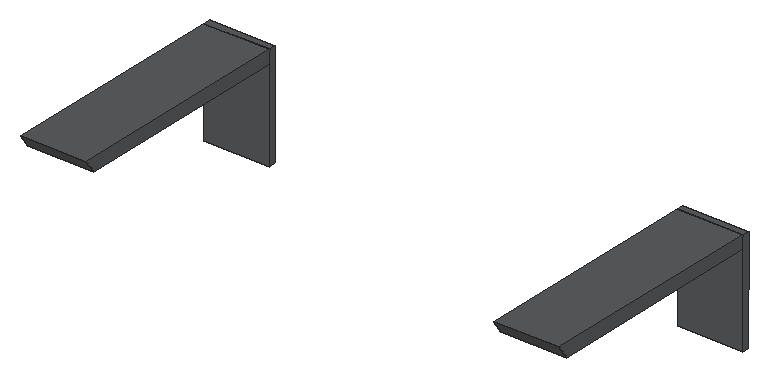
Revit family "Countertop-Supports_Centerline-Brackets_Forward-L-Bracket", category Casework, Revit 2022
Family settings
  OmniClass Number = 23.40.35.11
  OmniClass Title = Casework Components
  Work Plane-Based = No
  Always vertical = Yes
  Cut with Voids When Loaded = No
  Shared = No
  Room Calculation Point = No
Parameters (values of type "Load Type Catalog!")
  Width [instance] = Span  # 20 1/2"
  URL = "https://www.countertopbracket.com"
  Span [instance] = if(Number of Brackets = 1, 2 1/2", (Bracket Spacing * (Number of Brackets - 1)) + 2 1/2")  # 20 1/2"
  Product data url = "https://www.bimobject.com/centerline_brackets/product/forward-l-bracket"
  Product Material = Centerline Brackets - Steel - Powder Coated - Black (B)
  Placement Height [instance] = 36"
  No of Brackets Control [instance] = if(Number of Brackets < 2, 2, Number of Brackets)  # 2
  Number of Brackets [instance] = 2
  Model = "Forward L Bracket"
  Maximum Spacing [instance] = 22"  # constant formula
  Manufacturer = "Centerline Brackets"  # constant formula
  Length = 9"
  Keynote = "12000"
  Height = 4"  # constant formula
  Finish Note = "When choosing an alternative finish, please remember to update the model number to reflect the chosen finish."  # constant formula
  Finish = "Available Powder Coat Finishes; White (W), Black (B)"  # constant formula
  Description = "Forward L Bracket"
  Depth = 2 1/2"  # constant formula
  Default Elevation = 0"
  Control [instance] = if(Number of Brackets < 2, 0", if(Bracket Spacing > Maximum Spacing, Maximum Spacing, Bracket Spacing))  # 18"
  Bracket Spacing [instance] = 18"
  Assembly Code = "E2010200"
Reference planes (in)
  plane 1 "Center (Front/Back)": y = 0
  plane 2: z = 0
  plane 3 "Center (Left/Right)": x = 0
  plane 4: z = 36
  plane 5: z = 32
  plane 6: y = -9
  plane 7: x = 0
  plane 8: x = 20.5
  plane 9: x = 18
Dimensions and locks (in)
  "Placement Height": plane 4 to plane 2
  "Height": plane 4 to plane 5
  "Length": plane 1 "Center (Front/Back)" to plane 6
  "Control": plane 7 to plane 9
  "Span": plane 7 to plane 8
  group 1 to group 2 = 18"
  group 1 to group 2 = 0"  (x2)
  aligned and locked: plane 2 to level
  aligned and locked: plane 4 to nested 1  (x2)
  aligned and locked: plane 7 to plane 3 "Center (Left/Right)"
  aligned and locked: nested 1 to plane 7
  aligned and locked: plane 1 "Center (Front/Back)" to nested 1
  aligned and locked: nested 2 to plane 9
  aligned and locked: plane 1 "Center (Front/Back)" to nested 2
  aligned and locked: nested 2 to plane 5
  aligned and locked: plane 4 to nested 2  (x2)
Nested families (in)
  nested 1: "ForwardLBracket" at (1.25, 0, 32), type "Geometry"
  nested 2: "ForwardLBracket" at (19.25, 0, 32), type "Geometry"
Definition of nested family "ForwardLBracket"
  Parameters (values of type "Geometry")
    URL = ""
    Product Material = none
    Manufacturer = ""
    Length = 9"
    Height = 4"
    Default Elevation = 0"
  Reference planes (in)
    plane 1 "Center (Front/Back)": y = 0
    plane 2: z = 0
    plane 3 "Center (Left/Right)": x = 0
    plane 4: y = -9
    plane 5: z = 4
    plane 6: x = -1.25
    plane 7: x = 1.25
    plane 8: y = -0.7
    plane 9: y = -1.42
    plane 10: y = -2.5
    plane 11: y = -3.18
    plane 12: x = -0.85
    plane 13: x = -0.5
    plane 14: x = 0.54
    plane 15: x = 0.79
    plane 16: y = -0.25
    plane 17: z = 3
    plane 18: z = 1
  Forms (in)
    Extrusion 1, solid, material <- "Product Material"
      sketch origin (0, 0, 0) x (0, 1, 0) y (0, 0, 1)
        loop
          line (-0.25, 3.5) -> (-0.25, 4) -> (-9, 4) -> (-8.6499, 3.5) -> (-0.25, 3.5)
      from -1.25 to 1.25
    Extrusion 2, solid, material <- "Product Material"
      sketch origin (0, 0, 0) x (0, 1, 0) y (0, 0, 1)
        loop
          line (-0.25, 4) -> (-0.25, 0) -> (0, 0) -> (0, 4) -> (-0.25, 4)
      from -1.25 to 1.25
  Lines and regions (in)
    Masking region 1
      outline origin (0, 0, 0) x (1, 0, 0) y (0, 1, 0)
        loop
          line (-1.25, 0) -> (-1.25, -9) -> (1.25, -9) -> (1.25, 0) -> (-1.25, 0)
    symbolic lines, detail levels medium+fine
      curve 1: circle (-0.85, -0.7, 0) r 0.255 normal (0, 0, 1)
      curve 2: circle (0.54, -1.42, 0) r 0.255 normal (0, 0, 1)
      curve 3: circle (-0.5, -2.5, 0) r 0.255 normal (0, 0, 1)
      curve 4: circle (0.79, -3.18, 0) r 0.255 normal (0, 0, 1)
    model lines, detail levels medium+fine
      curve 5: circle (-0.85, -0.7, 4) r 0.255 normal (0, 0, 1)
      curve 6: circle (0.54, -1.42, 4) r 0.255 normal (0, 0, 1)
      curve 7: circle (-0.5, -2.5, 4) r 0.255 normal (0, 0, 1)
      curve 8: circle (0.79, -3.18, 4) r 0.255 normal (0, 0, 1)
      curve 9: circle (0, -0.25, 3) r 0.13 normal (0, -1, 0)
      curve 10: circle (0, -0.25, 1) r 0.13 normal (0, -1, 0)
  Dimensions and locks (in)
    "Length": plane 1 "Center (Front/Back)" to plane 4
    "Height": plane 5 to plane 2
    locked: plane 8 to plane 1 "Center (Front/Back)" at 0.7
    locked: plane 9 to plane 1 "Center (Front/Back)" at 1.42
    locked: plane 10 to plane 1 "Center (Front/Back)" at 2.5
    locked: plane 11 to plane 1 "Center (Front/Back)" at 3.18
    locked: plane 12 to plane 7 at 2.1
    locked: plane 13 to plane 7 at 1.75
    locked: plane 14 to plane 7 at 0.71
    locked: plane 15 to plane 7 at 0.46
    locked: plane 1 "Center (Front/Back)" to plane 16 at 0.25
    locked: plane 17 to plane 5 at 1
    locked: Extrusion 1 sketch curve to plane 4 (angle 35.00°)
    aligned and locked: plane 2 to level
    aligned and locked: plane 4 to Extrusion 1 sketch curve
    aligned and locked: plane 5 to Extrusion 1 sketch curve
    aligned and locked: plane 1 "Center (Front/Back)" to Masking region 1 sketch curve
    aligned and locked: plane 4 to Masking region 1 sketch curve
    aligned and locked: plane 12 to curve 1
    aligned and locked: plane 13 to curve 3
    aligned and locked: plane 14 to curve 2
    aligned and locked: plane 15 to curve 4
    aligned and locked: plane 11 to curve 4
    aligned and locked: plane 10 to curve 3
    aligned and locked: plane 9 to curve 2
    aligned and locked: plane 8 to curve 1
    aligned and locked: Extrusion 1 to plane 16
    aligned and locked: Extrusion 2 sketch curve to plane 16
    aligned and locked: plane 1 "Center (Front/Back)" to Extrusion 2 sketch curve
    aligned and locked: plane 5 to Extrusion 2 sketch curve
    aligned and locked: level to Extrusion 2 sketch curve
    aligned and locked: Extrusion 2 to plane 6
    aligned and locked: plane 7 to Extrusion 2
  Automatic sketch dimensions
    Masking region 1 sketch curve to plane 3 "Center (Left/Right)" = 1 1/4"
    plane 3 "Center (Left/Right)" to Masking region 1 sketch curve = 1 1/4"
    curve 8 to plane 11 = 0"
    curve 7 to plane 10 = 0"
    curve 6 to plane 9 = 0"
    curve 5 to plane 8 = 0"
    curve 8 to plane 15 = 0"
    curve 6 to plane 14 = 0"
    curve 7 to plane 13 = 0"
    curve 5 to plane 12 = 0"
    Extrusion 1 sketch curve to plane 16 = 0"
    plane 4 to Extrusion 1 sketch curve = 0.3501"
    Extrusion 2 to curve 9 = 1"
    Extrusion 2 to curve 10 = 1"
    Extrusion 2 to curve 10 = 1 1/4"
    Extrusion 2 to curve 9 = 1 1/4"
    radius of curve 1 = 0.255"
    radius of curve 2 = 0.255"
    radius of curve 3 = 0.255"
    radius of curve 4 = 0.255"
    radius of curve 5 = 0.255"
    radius of curve 6 = 0.255"
    radius of curve 7 = 0.255"
    radius of curve 8 = 0.255"
    radius of curve 9 = 0.13"
    radius of curve 10 = 0.13"
